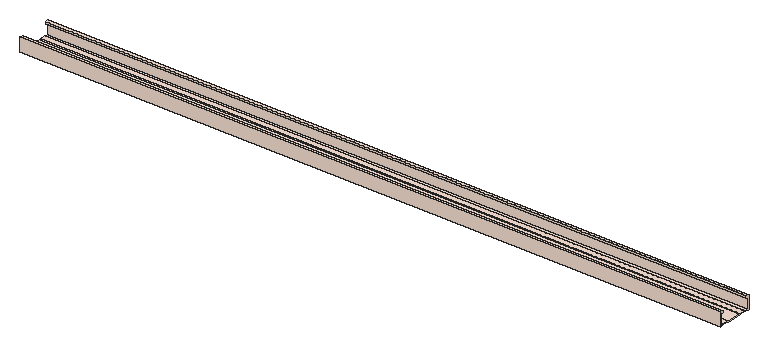
Revit family "CW-19", category 機械設備, Revit 2020
Family settings
  丸型コネクタ寸法 = 直径を使用
  種別 = なし
  パーツ タイプ = 標準
  作業面ベース = いいえ
  常に垂直 = はい
  ロード時にボイドで切り取り = いいえ
  共有 = いいえ
  部屋計算ポイント = いいえ
Parameters
  製造元 = "株式会社桐井製作所"
  既定の高さ = 0 mm
  URL = "https://www.kirii.co.jp/"
  K_長さ(mm) [instance] = 1000 mm
  K_材質 = "SGCC　一般用"
  K_断面積A(mm2) = 49
  K_断面係数Zy(mm3) = 768.8
  K_断面係数Zx(mm3) = 184.8
  K_断面2次半径iy(mm) = 19.8
  K_断面2次半径ix(mm) = 7
  K_断面2次モーメントIy(mm4) = 19220
  K_断面2次モーメントIx(mm4) = 2395
  K_外形寸法(mm) = "19×50×0.5"
  K_品名 = "CW-19"
  K_名称 = "野縁"
  K_単位質量(kg/m) = 0.403
  K_ヤング係数E(N/mm2) = 205000
  K_バージョン情報 = "20210524"
  K_めっき付着量 = "Z12"
  K_JIS規格 = "JIS G 3302"
  K_JIS外 [instance] = not(K_JIS)  # no
  K_JIS [instance] = yes
Reference planes
  plane 1 "中心(正面/背面)": y = 0
  plane 2: z = 0
  plane 3 "中心(左/右)": x = 0
  plane 4: x = 1000
  plane 5: y = 25
  plane 6: y = -25
  plane 7: z = 19
Forms (mm)
  Extrusion 1, solid
    sketch origin (0, 0, 0) x (0, -1, 0) y (0, 0, 1)
      loop
        line (-25, 0) -> (-20.2, 0) -> (-19.052, 0.5) -> (-11.148, 0.5) -> (-10, 0) -> (10, 0) -> (11.148, 0.5) -> (19.052, 0.5) -> (20.2, 0) -> (25, 0) -> (25, 19) -> (21, 19) -> (21, 16.246) -> (21.5, 15.532) -> (21.5, 18.5) -> (24.5, 18.5) -> (24.5, 0.5) -> (20.304, 0.5) -> (19.156, 1) -> (11.044, 1) -> (9.896, 0.5) -> (-9.896, 0.5) -> (-11.044, 1) -> (-19.156, 1) -> (-20.304, 0.5) -> (-24.5, 0.5) -> (-24.5, 18.5) -> (-21.5, 18.5) -> (-21.5, 15.532) -> (-21, 16.246) -> (-21, 19) -> (-25, 19) -> (-25, 0)
    from 0 to -1000
  Extrusion 2, void
    sketch origin (0, 0, 0) x (0, 1, 0) y (0, 0, 1)
      loop
        line (-21.893, 16.282) -> (-21.893, 14.539) -> (22.033, 14.539) -> (22.033, 16.282) -> (-21.893, 16.282)
    from 0 to 1000
Cuts and joins
  Extrusion 2 cuts Extrusion 1
Dimensions and locks
  "K_長さ(mm)": plane 3 "中心(左/右)" to plane 4
  aligned and locked: level to plane 2
  aligned and locked: plane 4 to Extrusion 1
  aligned and locked: Extrusion 1 to Extrusion 2
  aligned and locked: Extrusion 2 to plane 3 "中心(左/右)"
Automatic sketch dimensions
  plane 6 to Extrusion 2 sketch curve = 3.107 mm
  Extrusion 2 sketch curve to plane 5 = 2.967 mm
  Extrusion 2 sketch curve to Extrusion 2 sketch curve = 1.744 mm
  Extrusion 2 sketch curve to plane 7 = 4.461 mm
  Extrusion 1 sketch curve to level = 0 mm  (x3)
  Extrusion 1 sketch curve to plane 5 = 0 mm
  Extrusion 1 sketch curve to plane 6 = 0 mm
  Extrusion 1 sketch curve to plane 5 = 0.5 mm
  Extrusion 1 sketch curve to plane 5 = 3.5 mm
  Extrusion 1 sketch curve to Extrusion 1 sketch curve = 0.5 mm  (x2)
  level to Extrusion 1 sketch curve = 0.5 mm  (x5)
  Extrusion 1 sketch curve to Extrusion 1 sketch curve = 4.196 mm
  Extrusion 1 sketch curve to Extrusion 1 sketch curve = 0.104 mm  (x8)
  level to Extrusion 1 sketch curve = 1 mm  (x2)
  Extrusion 1 sketch curve to Extrusion 1 sketch curve = 1.148 mm  (x4)
  Extrusion 1 sketch curve to Extrusion 1 sketch curve = 7.903 mm
  plane 1 "中心(正面/背面)" to Extrusion 1 sketch curve = 9.896 mm
  plane 6 to Extrusion 1 sketch curve = 5.948 mm
  plane 6 to Extrusion 1 sketch curve = 4 mm
  plane 6 to Extrusion 1 sketch curve = 0.5 mm
  Extrusion 1 sketch curve to plane 7 = 3.468 mm  (x2)
  Extrusion 1 sketch curve to Extrusion 1 sketch curve = 0.714 mm  (x2)
  Extrusion 1 sketch curve to plane 7 = 0.5 mm  (x2)
  Extrusion 1 sketch curve to plane 7 = 0 mm  (x2)
